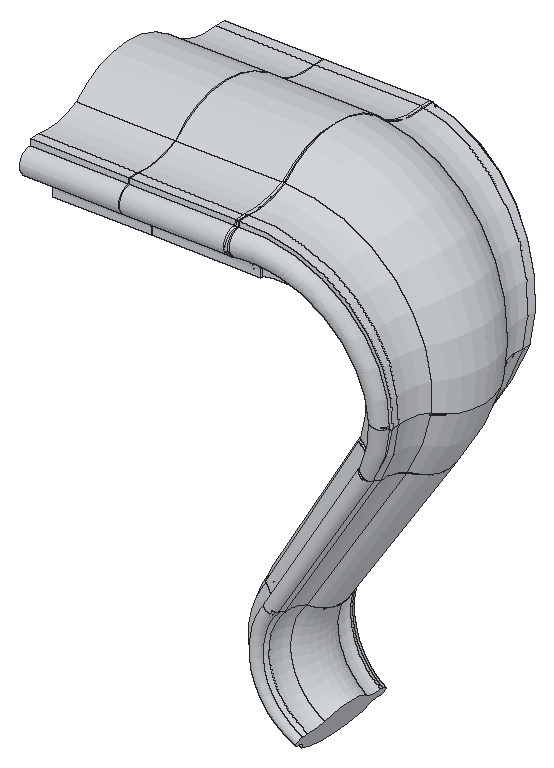
Revit family "4530s", category Terminations, Revit 2023
Family settings
  Work Plane-Based = No
  Always vertical = Yes
  Cut with Voids When Loaded = No
  Shared = No
Parameters
  Termination Material = none
  Extension Length = 0' - 3"
Reference planes (in)
  plane 1 "Center (Front/Back)": y = 0
  plane 2: z = 0
  plane 3 "Center (Left/Right)": x = 0
  plane 4: x = 3
Forms (in)
  Sweep 1, solid
    path origin (0, 0, 0.07031) x (1, 0, 0) y (0, 0, 1)
      loop
        line (0, 0.34097) -> (0.83569, 0.34097)
    profile origin (0.41784, 0, 0.41128) x (0, 0, 1) y (0, -1, 0)
      loop
        line (-0.45544, 0.65965) -> (-0.45544, -0.6605) -> (-0.65145, -0.6605) -> (-0.65145, -0.72898) -> (-0.83332, -0.72898) -> (-0.83332, -0.78648)
        arc (-0.83332, -0.78648) -> (-0.65519, -0.84234) -> (-0.55657, -1.00085) r 0.26841
        arc (-0.55657, -1.00085) -> (-0.46242, -1.13447) -> (-0.34097, -1.02507) r 0.10926
        line (-0.34097, -1.02507) -> (-0.29418, -1.02507) -> (-0.29418, -0.93361)
        arc (-0.29418, -0.93361) -> (-0.29109, -0.7306) -> (-0.22457, -0.53878) r 0.63994
        arc (-0.22457, -0.53878) -> (0, -0.00044) -> (-0.22418, 0.53806) r 0.7582
        arc (-0.22418, 0.53806) -> (-0.29102, 0.7302) -> (-0.29418, 0.93361) r 0.63994
        line (-0.29418, 0.93361) -> (-0.29418, 1.02507) -> (-0.34097, 1.02507)
        arc (-0.34097, 1.02507) -> (-0.46242, 1.13447) -> (-0.55657, 1.00085) r 0.10926
        arc (-0.55657, 1.00085) -> (-0.65519, 0.84234) -> (-0.83332, 0.78648) r 0.26841
        line (-0.83332, 0.78648) -> (-0.83332, 0.72605) -> (-0.64768, 0.72605) -> (-0.64768, 0.65965) -> (-0.45544, 0.65965)
  Sweep 2, solid
    path origin (0.83569, 0, 0.07031) x (1, 0, 0) y (0, 0, 1)
      loop
        line (0, 0.34097) -> (0.9226, 0.34097)
    profile origin (1.29699, 0, 0.41128) x (0, 0, 1) y (0, -1, 0)
      loop
        arc (-0.83332, 0.72605) -> (-1.01397, -0.00146) -> (-0.83332, -0.72898) r 1.55529
        line (-0.83332, -0.72898) -> (-0.83332, -0.78648)
        arc (-0.83332, -0.78648) -> (-0.65519, -0.84234) -> (-0.55657, -1.00085) r 0.26841
        arc (-0.55657, -1.00085) -> (-0.46242, -1.13447) -> (-0.34097, -1.02507) r 0.10926
        line (-0.34097, -1.02507) -> (-0.29418, -1.02507) -> (-0.29418, -0.93361)
        arc (-0.29418, -0.93361) -> (-0.29109, -0.7306) -> (-0.22457, -0.53878) r 0.63994
        arc (-0.22457, -0.53878) -> (0, -0.00044) -> (-0.22418, 0.53806) r 0.7582
        arc (-0.22418, 0.53806) -> (-0.29102, 0.7302) -> (-0.29418, 0.93361) r 0.63994
        line (-0.29418, 0.93361) -> (-0.29418, 1.02507) -> (-0.34097, 1.02507)
        arc (-0.34097, 1.02507) -> (-0.46242, 1.13447) -> (-0.55657, 1.00085) r 0.10926
        arc (-0.55657, 1.00085) -> (-0.65519, 0.84234) -> (-0.83332, 0.78648) r 0.26841
        line (-0.83332, 0.78648) -> (-0.83332, 0.72605)
  SweptBlend 3, solid
    path origin (0, 0, 0.07031) x (1, 0, 0) y (0, 0, 1)
      loop
        arc (1.75828, 0.34097) -> (2.77306, -0.2164) -> (3.02184, -1.34712) r 1.40094
    profile origin (1.75828, 0, 0.41128) x (0.076221, 0, 0.997091) y (0, -1, 0)
      loop
        spline (-0.22391, -0.53878) -> (-0.15804, -0.46409) -> (-0.1025, -0.38138) -> (-0.05827, -0.29207) -> (-0.02611, -0.19771) -> (-0.00657, -0.09994) -> (0, -0.00044) -> (-0.0065, 0.09906) -> (-0.02597, 0.19685) -> (-0.05806, 0.29123) -> (-0.10223, 0.38057) -> (-0.1577, 0.46333) -> (-0.22353, 0.53806)
        spline (-0.22353, 0.53806) -> (-0.23883, 0.56845) -> (-0.25251, 0.59961) -> (-0.26451, 0.63146) -> (-0.27481, 0.6639) -> (-0.28337, 0.69685) -> (-0.29018, 0.7302) -> (-0.2952, 0.76387) -> (-0.29843, 0.79776) -> (-0.29986, 0.83178) -> (-0.29949, 0.86582) -> (-0.29731, 0.8998) -> (-0.29333, 0.93361)
        line (-0.29333, 0.93361) -> (-0.29333, 1.02507) -> (-0.33997, 1.02507)
        spline (-0.33997, 1.02507) -> (-0.34404, 1.05547) -> (-0.35637, 1.08354) -> (-0.376, 1.10707) -> (-0.40138, 1.1242) -> (-0.4305, 1.13358) -> (-0.46107, 1.13447) -> (-0.49069, 1.1268) -> (-0.51701, 1.11117) -> (-0.53797, 1.08883) -> (-0.5519, 1.06152) -> (-0.55771, 1.0314) -> (-0.55495, 1.00085)
        spline (-0.55495, 1.00085) -> (-0.56311, 0.97016) -> (-0.57483, 0.94066) -> (-0.58993, 0.91274) -> (-0.60822, 0.88682) -> (-0.62944, 0.86324) -> (-0.65328, 0.84234) -> (-0.67942, 0.82441) -> (-0.70749, 0.8097) -> (-0.73709, 0.79842) -> (-0.76782, 0.79073) -> (-0.79923, 0.78673) -> (-0.8309, 0.78648)
        line (-0.8309, 0.78648) -> (-0.8309, 0.72605)
        spline (-0.8309, 0.72605) -> (-0.88517, 0.61226) -> (-0.93008, 0.49443) -> (-0.96531, 0.37334) -> (-0.99065, 0.24979) -> (-1.00592, 0.12458) -> (-1.01102, -0.00146) -> (-1.00592, -0.1275) -> (-0.99065, -0.25271) -> (-0.96531, -0.37626) -> (-0.93008, -0.49736) -> (-0.88517, -0.61518) -> (-0.8309, -0.72898)
        line (-0.8309, -0.72898) -> (-0.8309, -0.78648)
        spline (-0.8309, -0.78648) -> (-0.79923, -0.78673) -> (-0.76782, -0.79073) -> (-0.73709, -0.79842) -> (-0.70749, -0.8097) -> (-0.67942, -0.82441) -> (-0.65328, -0.84234) -> (-0.62944, -0.86324) -> (-0.60822, -0.88682) -> (-0.58993, -0.91274) -> (-0.57483, -0.94066) -> (-0.56311, -0.97016) -> (-0.55495, -1.00085)
        spline (-0.55495, -1.00085) -> (-0.55771, -1.0314) -> (-0.5519, -1.06152) -> (-0.53797, -1.08883) -> (-0.51701, -1.11117) -> (-0.49069, -1.1268) -> (-0.46107, -1.13447) -> (-0.4305, -1.13358) -> (-0.40138, -1.1242) -> (-0.376, -1.10707) -> (-0.35637, -1.08354) -> (-0.34404, -1.05547) -> (-0.33997, -1.02507)
        line (-0.33997, -1.02507) -> (-0.29333, -1.02507) -> (-0.29333, -0.93361)
        spline (-0.29333, -0.93361) -> (-0.2973, -0.89987) -> (-0.29948, -0.86596) -> (-0.29987, -0.83198) -> (-0.29845, -0.79803) -> (-0.29524, -0.76421) -> (-0.29025, -0.7306) -> (-0.28348, -0.69731) -> (-0.27496, -0.66442) -> (-0.26471, -0.63204) -> (-0.25277, -0.60024) -> (-0.23915, -0.56913) -> (-0.22391, -0.53878)
    end profile origin (3.02184, 0, -1.27681) x (0.978156, 0, -0.207874) y (0, -1, 0)
      loop
        spline (-0.15778, -0.37984) -> (-0.11134, -0.32718) -> (-0.07219, -0.26887) -> (-0.04101, -0.20591) -> (-0.01833, -0.13939) -> (-0.00456, -0.07046) -> (0.00007, -0.00031) -> (-0.00451, 0.06984) -> (-0.01823, 0.13878) -> (-0.04086, 0.20532) -> (-0.072, 0.2683) -> (-0.11111, 0.32664) -> (-0.15751, 0.37933)
        spline (-0.15751, 0.37933) -> (-0.1683, 0.40075) -> (-0.17794, 0.42272) -> (-0.18641, 0.44517) -> (-0.19367, 0.46805) -> (-0.1997, 0.49127) -> (-0.2045, 0.51479) -> (-0.20804, 0.53852) -> (-0.21032, 0.56242) -> (-0.21133, 0.5864) -> (-0.21106, 0.6104) -> (-0.20953, 0.63435) -> (-0.20672, 0.65819)
        line (-0.20672, 0.65819) -> (-0.20672, 0.72267) -> (-0.23961, 0.72267)
        spline (-0.23961, 0.72267) -> (-0.24247, 0.7441) -> (-0.25117, 0.76389) -> (-0.265, 0.78048) -> (-0.28289, 0.79255) -> (-0.30343, 0.79917) -> (-0.32498, 0.79979) -> (-0.34586, 0.79439) -> (-0.36442, 0.78337) -> (-0.37919, 0.76762) -> (-0.38901, 0.74836) -> (-0.39311, 0.72713) -> (-0.39116, 0.70559)
        spline (-0.39116, 0.70559) -> (-0.39692, 0.68396) -> (-0.40518, 0.66316) -> (-0.41583, 0.64348) -> (-0.42872, 0.6252) -> (-0.44368, 0.60858) -> (-0.46049, 0.59384) -> (-0.47891, 0.5812) -> (-0.4987, 0.57083) -> (-0.51957, 0.56288) -> (-0.54123, 0.55746) -> (-0.56338, 0.55464) -> (-0.5857, 0.55446)
        line (-0.5857, 0.55446) -> (-0.5857, 0.51186)
        spline (-0.5857, 0.51186) -> (-0.62397, 0.43164) -> (-0.65563, 0.34857) -> (-0.68047, 0.2632) -> (-0.69833, 0.1761) -> (-0.70909, 0.08783) -> (-0.71269, -0.00103) -> (-0.70909, -0.08989) -> (-0.69833, -0.17816) -> (-0.68047, -0.26526) -> (-0.65563, -0.35063) -> (-0.62397, -0.4337) -> (-0.5857, -0.51392)
        line (-0.5857, -0.51392) -> (-0.5857, -0.55446)
        spline (-0.5857, -0.55446) -> (-0.56338, -0.55464) -> (-0.54123, -0.55746) -> (-0.51957, -0.56288) -> (-0.4987, -0.57083) -> (-0.47891, -0.5812) -> (-0.46049, -0.59384) -> (-0.44368, -0.60858) -> (-0.42872, -0.6252) -> (-0.41583, -0.64348) -> (-0.40518, -0.66316) -> (-0.39692, -0.68396) -> (-0.39116, -0.70559)
        spline (-0.39116, -0.70559) -> (-0.39311, -0.72713) -> (-0.38901, -0.74836) -> (-0.37919, -0.76762) -> (-0.36442, -0.78337) -> (-0.34586, -0.79439) -> (-0.32498, -0.79979) -> (-0.30343, -0.79917) -> (-0.28289, -0.79255) -> (-0.265, -0.78048) -> (-0.25117, -0.76389) -> (-0.24247, -0.7441) -> (-0.23961, -0.72267)
        line (-0.23961, -0.72267) -> (-0.20672, -0.72267) -> (-0.20672, -0.65819)
        spline (-0.20672, -0.65819) -> (-0.20952, -0.6344) -> (-0.21106, -0.61049) -> (-0.21133, -0.58654) -> (-0.21033, -0.56261) -> (-0.20807, -0.53876) -> (-0.20455, -0.51507) -> (-0.19978, -0.4916) -> (-0.19377, -0.46841) -> (-0.18655, -0.44558) -> (-0.17812, -0.42317) -> (-0.16853, -0.40123) -> (-0.15778, -0.37984)
  SweptBlend 4, solid
    path origin (0, 0, 0.07031) x (1, 0, 0) y (0, 0, 1)
      loop
        arc (3.02184, -1.34712) -> (2.89681, -1.66056) -> (2.71598, -1.94547) r 1.81732
    profile origin (3.02184, 0, -1.27681) x (0.959213, 0, -0.282683) y (0, -1, 0)
      loop
        spline (-0.15705, 0.37934) -> (-0.16776, 0.40079) -> (-0.17733, 0.42278) -> (-0.18574, 0.44524) -> (-0.19295, 0.46811) -> (-0.19895, 0.49134) -> (-0.20373, 0.51484) -> (-0.20726, 0.53857) -> (-0.20955, 0.56245) -> (-0.21057, 0.58642) -> (-0.21034, 0.61041) -> (-0.20885, 0.63435) -> (-0.20611, 0.65818)
        line (-0.20611, 0.65818) -> (-0.20611, 0.72267) -> (-0.23894, 0.72267)
        spline (-0.23894, 0.72267) -> (-0.24176, 0.74404) -> (-0.25038, 0.76378) -> (-0.26414, 0.78034) -> (-0.28195, 0.79241) -> (-0.3024, 0.79904) -> (-0.32388, 0.7997) -> (-0.3447, 0.79435) -> (-0.36321, 0.7834) -> (-0.37796, 0.76772) -> (-0.38778, 0.74854) -> (-0.39189, 0.72738) -> (-0.38998, 0.70591)
        spline (-0.38998, 0.70591) -> (-0.39567, 0.68428) -> (-0.40387, 0.66348) -> (-0.41446, 0.64379) -> (-0.42729, 0.62549) -> (-0.44219, 0.60885) -> (-0.45895, 0.59409) -> (-0.47733, 0.58142) -> (-0.49708, 0.57101) -> (-0.51791, 0.56302) -> (-0.53954, 0.55755) -> (-0.56166, 0.55469) -> (-0.58396, 0.55447)
        line (-0.58396, 0.55447) -> (-0.58396, 0.51182)
        spline (-0.58396, 0.51182) -> (-0.62208, 0.43157) -> (-0.65362, 0.34849) -> (-0.67836, 0.26313) -> (-0.69615, 0.17604) -> (-0.70687, 0.08779) -> (-0.71046, -0.00103) -> (-0.70687, -0.08985) -> (-0.69615, -0.1781) -> (-0.67836, -0.26519) -> (-0.65362, -0.35055) -> (-0.62208, -0.43363) -> (-0.58396, -0.51388)
        line (-0.58396, -0.51388) -> (-0.58396, -0.55447)
        spline (-0.58396, -0.55447) -> (-0.56166, -0.55469) -> (-0.53954, -0.55755) -> (-0.51791, -0.56302) -> (-0.49708, -0.57101) -> (-0.47733, -0.58142) -> (-0.45895, -0.59409) -> (-0.44219, -0.60885) -> (-0.42729, -0.62549) -> (-0.41446, -0.64379) -> (-0.40387, -0.66348) -> (-0.39567, -0.68428) -> (-0.38998, -0.70591)
        spline (-0.38998, -0.70591) -> (-0.39189, -0.72738) -> (-0.38778, -0.74854) -> (-0.37796, -0.76772) -> (-0.36321, -0.7834) -> (-0.3447, -0.79435) -> (-0.32388, -0.7997) -> (-0.3024, -0.79904) -> (-0.28195, -0.79241) -> (-0.26414, -0.78034) -> (-0.25038, -0.76378) -> (-0.24176, -0.74404) -> (-0.23894, -0.72267)
        line (-0.23894, -0.72267) -> (-0.20611, -0.72267) -> (-0.20611, -0.65818)
        spline (-0.20611, -0.65818) -> (-0.20885, -0.6344) -> (-0.21034, -0.6105) -> (-0.21058, -0.58656) -> (-0.20956, -0.56264) -> (-0.20729, -0.53881) -> (-0.20378, -0.51513) -> (-0.19903, -0.49166) -> (-0.19306, -0.46848) -> (-0.18588, -0.44565) -> (-0.17751, -0.42322) -> (-0.16799, -0.40127) -> (-0.15732, -0.37985)
        spline (-0.15732, -0.37985) -> (-0.11101, -0.32713) -> (-0.07197, -0.26879) -> (-0.04088, -0.20582) -> (-0.01828, -0.13932) -> (-0.00455, -0.07042) -> (0.00007, -0.00031) -> (-0.0045, 0.0698) -> (-0.01818, 0.13871) -> (-0.04074, 0.20523) -> (-0.07178, 0.26822) -> (-0.11077, 0.32659) -> (-0.15705, 0.37934)
    end profile origin (2.71598, 0, -1.87516) x (0.79091, 0, -0.611933) y (0, -1, 0)
      loop
        spline (-0.12815, 0.31179) -> (-0.13695, 0.32942) -> (-0.14482, 0.34749) -> (-0.15172, 0.36594) -> (-0.15765, 0.38474) -> (-0.16258, 0.40382) -> (-0.1665, 0.42313) -> (-0.16941, 0.44263) -> (-0.17129, 0.46225) -> (-0.17213, 0.48194) -> (-0.17194, 0.50166) -> (-0.17071, 0.52133) -> (-0.16846, 0.54091)
        line (-0.16846, 0.54091) -> (-0.19544, 0.5939)
        spline (-0.19544, 0.5939) -> (-0.19775, 0.61146) -> (-0.20484, 0.62768) -> (-0.21614, 0.64129) -> (-0.23078, 0.6512) -> (-0.24758, 0.65665) -> (-0.26523, 0.65719) -> (-0.28234, 0.65279) -> (-0.29755, 0.6438) -> (-0.30967, 0.63091) -> (-0.31773, 0.61516) -> (-0.32112, 0.59777) -> (-0.31954, 0.58013)
        spline (-0.31954, 0.58013) -> (-0.32422, 0.56236) -> (-0.33095, 0.54526) -> (-0.33966, 0.52908) -> (-0.3502, 0.51405) -> (-0.36245, 0.50038) -> (-0.37622, 0.48825) -> (-0.39132, 0.47783) -> (-0.40754, 0.46928) -> (-0.42466, 0.46272) -> (-0.44243, 0.45823) -> (-0.46061, 0.45587) -> (-0.47893, 0.45569)
        line (-0.47893, 0.45569) -> (-0.47893, 0.42065)
        spline (-0.47893, 0.42065) -> (-0.51026, 0.35471) -> (-0.53617, 0.28644) -> (-0.5565, 0.2163) -> (-0.57112, 0.14474) -> (-0.57993, 0.07224) -> (-0.58287, -0.00075) -> (-0.57993, -0.07373) -> (-0.57112, -0.14624) -> (-0.5565, -0.2178) -> (-0.53617, -0.28794) -> (-0.51026, -0.35621) -> (-0.47893, -0.42215)
        line (-0.47893, -0.42215) -> (-0.47893, -0.4555)
        spline (-0.47893, -0.4555) -> (-0.46061, -0.45568) -> (-0.44243, -0.45803) -> (-0.42466, -0.46252) -> (-0.40754, -0.46909) -> (-0.39132, -0.47764) -> (-0.37622, -0.48805) -> (-0.36245, -0.50018) -> (-0.3502, -0.51386) -> (-0.33966, -0.52889) -> (-0.33095, -0.54507) -> (-0.32422, -0.56216) -> (-0.31954, -0.57994)
        spline (-0.31954, -0.57994) -> (-0.32112, -0.59758) -> (-0.31773, -0.61496) -> (-0.30967, -0.63072) -> (-0.29755, -0.6436) -> (-0.28234, -0.6526) -> (-0.26523, -0.657) -> (-0.24758, -0.65645) -> (-0.23078, -0.65101) -> (-0.21614, -0.64109) -> (-0.20484, -0.62748) -> (-0.19775, -0.61126) -> (-0.19544, -0.5937)
        line (-0.19544, -0.5937) -> (-0.16846, -0.54072)
        spline (-0.16846, -0.54072) -> (-0.17071, -0.52118) -> (-0.17194, -0.50154) -> (-0.17213, -0.48187) -> (-0.1713, -0.46221) -> (-0.16943, -0.44263) -> (-0.16655, -0.42317) -> (-0.16264, -0.40389) -> (-0.15774, -0.38484) -> (-0.15184, -0.36608) -> (-0.14497, -0.34766) -> (-0.13714, -0.32962) -> (-0.12837, -0.31202)
        spline (-0.12837, -0.31202) -> (-0.09032, -0.2687) -> (-0.05824, -0.22076) -> (-0.0327, -0.16902) -> (-0.01413, -0.11438) -> (-0.00285, -0.05777) -> (0.00095, -0.00016) -> (-0.00281, 0.05745) -> (-0.01405, 0.11407) -> (-0.03258, 0.16873) -> (-0.05809, 0.22049) -> (-0.09013, 0.26845) -> (-0.12815, 0.31179)
  SweptBlend 5, solid
    path origin (0, 0, 0.07031) x (1, 0, 0) y (0, 0, 1)
      loop
        line (2.71598, -1.94547) -> (1.8101, -3.28257)
    profile origin (2.71598, 0, -1.87516) x (0.827888, 0, -0.560894) y (0, -1, 0)
      loop
        spline (-0.31889, 0.5804) -> (-0.32352, 0.56263) -> (-0.33021, 0.54553) -> (-0.33887, 0.52934) -> (-0.34938, 0.5143) -> (-0.36159, 0.5006) -> (-0.37533, 0.48845) -> (-0.39041, 0.47801) -> (-0.40662, 0.46943) -> (-0.42372, 0.46283) -> (-0.44148, 0.45831) -> (-0.45965, 0.45591) -> (-0.47798, 0.45569)
        line (-0.47798, 0.45569) -> (-0.47798, 0.42062)
        spline (-0.47798, 0.42062) -> (-0.50922, 0.35465) -> (-0.53506, 0.28638) -> (-0.55533, 0.21624) -> (-0.56991, 0.1447) -> (-0.57869, 0.07221) -> (-0.58163, -0.00075) -> (-0.57869, -0.07371) -> (-0.56991, -0.14619) -> (-0.55533, -0.21774) -> (-0.53506, -0.28787) -> (-0.50922, -0.35615) -> (-0.47798, -0.42212)
        line (-0.47798, -0.42212) -> (-0.47798, -0.4555)
        spline (-0.47798, -0.4555) -> (-0.45965, -0.45572) -> (-0.44148, -0.45811) -> (-0.42372, -0.46264) -> (-0.40662, -0.46924) -> (-0.39041, -0.47782) -> (-0.37533, -0.48826) -> (-0.36159, -0.50041) -> (-0.34938, -0.5141) -> (-0.33887, -0.52915) -> (-0.33021, -0.54534) -> (-0.32352, -0.56243) -> (-0.31889, -0.5802)
        spline (-0.31889, -0.5802) -> (-0.32044, -0.59778) -> (-0.31705, -0.6151) -> (-0.30898, -0.63079) -> (-0.29688, -0.64361) -> (-0.2817, -0.65255) -> (-0.26464, -0.65692) -> (-0.24703, -0.65636) -> (-0.23028, -0.65091) -> (-0.2157, -0.64102) -> (-0.20444, -0.62745) -> (-0.19738, -0.61128) -> (-0.1951, -0.59378)
        line (-0.1951, -0.59378) -> (-0.16812, -0.54072)
        spline (-0.16812, -0.54072) -> (-0.17033, -0.52118) -> (-0.17152, -0.50155) -> (-0.17169, -0.48189) -> (-0.17084, -0.46224) -> (-0.16897, -0.44267) -> (-0.16609, -0.42322) -> (-0.1622, -0.40395) -> (-0.15731, -0.3849) -> (-0.15145, -0.36614) -> (-0.14461, -0.3477) -> (-0.13683, -0.32965) -> (-0.12813, -0.31203)
        spline (-0.12813, -0.31203) -> (-0.09014, -0.26866) -> (-0.05812, -0.2207) -> (-0.03263, -0.16896) -> (-0.0141, -0.11432) -> (-0.00285, -0.05773) -> (0.00094, -0.00016) -> (-0.0028, 0.05742) -> (-0.01402, 0.11402) -> (-0.03251, 0.16867) -> (-0.05797, 0.22042) -> (-0.08995, 0.26841) -> (-0.1279, 0.31181)
        spline (-0.1279, 0.31181) -> (-0.13665, 0.32945) -> (-0.14446, 0.34753) -> (-0.15133, 0.366) -> (-0.15722, 0.38479) -> (-0.16213, 0.40387) -> (-0.16604, 0.42318) -> (-0.16894, 0.44267) -> (-0.17083, 0.46228) -> (-0.17169, 0.48196) -> (-0.17152, 0.50167) -> (-0.17033, 0.52133) -> (-0.16812, 0.54091)
        line (-0.16812, 0.54091) -> (-0.1951, 0.59398)
        spline (-0.1951, 0.59398) -> (-0.19738, 0.61147) -> (-0.20444, 0.62764) -> (-0.2157, 0.64121) -> (-0.23028, 0.65111) -> (-0.24703, 0.65655) -> (-0.26464, 0.65711) -> (-0.2817, 0.65275) -> (-0.29688, 0.6438) -> (-0.30898, 0.63098) -> (-0.31705, 0.61529) -> (-0.32044, 0.59798) -> (-0.31889, 0.5804)
    end profile origin (1.8101, 0, -3.21226) x (0.827888, 0, -0.560894) y (0, -1, 0)
      loop
        spline (-0.39409, 0.39201) -> (-0.42587, 0.33145) -> (-0.45222, 0.26834) -> (-0.47294, 0.20315) -> (-0.48788, 0.13639) -> (-0.49693, 0.06858) -> (-0.5, 0.00024) -> (-0.49708, -0.06812) -> (-0.48819, -0.13595) -> (-0.4734, -0.20274) -> (-0.45282, -0.26797) -> (-0.42661, -0.33115) -> (-0.39498, -0.39178)
        spline (-0.39498, -0.39178) -> (-0.38066, -0.3936) -> (-0.36663, -0.39698) -> (-0.35304, -0.40185) -> (-0.34007, -0.40817) -> (-0.32785, -0.41587) -> (-0.31653, -0.42484) -> (-0.30625, -0.43499) -> (-0.29713, -0.44619) -> (-0.28928, -0.45832) -> (-0.28278, -0.47123) -> (-0.27771, -0.48477) -> (-0.27414, -0.49878)
        spline (-0.27414, -0.49878) -> (-0.27547, -0.51389) -> (-0.27255, -0.52877) -> (-0.26562, -0.54226) -> (-0.25522, -0.55328) -> (-0.24217, -0.56097) -> (-0.2275, -0.56473) -> (-0.21236, -0.56424) -> (-0.19796, -0.55956) -> (-0.18543, -0.55106) -> (-0.17575, -0.53939) -> (-0.16968, -0.52549) -> (-0.16772, -0.51045)
        line (-0.16772, -0.51045) -> (-0.14453, -0.46483)
        spline (-0.14453, -0.46483) -> (-0.14643, -0.44804) -> (-0.14745, -0.43116) -> (-0.1476, -0.41426) -> (-0.14686, -0.39737) -> (-0.14526, -0.38054) -> (-0.14278, -0.36382) -> (-0.13943, -0.34725) -> (-0.13523, -0.33088) -> (-0.13019, -0.31475) -> (-0.12432, -0.29891) -> (-0.11763, -0.28339) -> (-0.11014, -0.26824)
        spline (-0.11014, -0.26824) -> (-0.07749, -0.23096) -> (-0.04997, -0.18972) -> (-0.02805, -0.14524) -> (-0.01212, -0.09828) -> (-0.00245, -0.04963) -> (0.00081, -0.00014) -> (-0.00241, 0.04936) -> (-0.01205, 0.09802) -> (-0.02795, 0.14499) -> (-0.04983, 0.18949) -> (-0.07732, 0.23074) -> (-0.10995, 0.26805)
        spline (-0.10995, 0.26805) -> (-0.11747, 0.28322) -> (-0.12419, 0.29876) -> (-0.13009, 0.31463) -> (-0.13516, 0.33079) -> (-0.13938, 0.34719) -> (-0.14274, 0.36379) -> (-0.14523, 0.38054) -> (-0.14685, 0.3974) -> (-0.14759, 0.41432) -> (-0.14745, 0.43126) -> (-0.14643, 0.44817) -> (-0.14453, 0.465)
        line (-0.14453, 0.465) -> (-0.16772, 0.51062)
        spline (-0.16772, 0.51062) -> (-0.16968, 0.52566) -> (-0.17575, 0.53956) -> (-0.18543, 0.55122) -> (-0.19796, 0.55973) -> (-0.21236, 0.56441) -> (-0.2275, 0.56489) -> (-0.24217, 0.56114) -> (-0.25522, 0.55345) -> (-0.26562, 0.54243) -> (-0.27255, 0.52894) -> (-0.27547, 0.51405) -> (-0.27414, 0.49894)
        spline (-0.27414, 0.49894) -> (-0.27769, 0.485) -> (-0.28272, 0.47153) -> (-0.28917, 0.45868) -> (-0.29696, 0.4466) -> (-0.30601, 0.43543) -> (-0.3162, 0.4253) -> (-0.32743, 0.41633) -> (-0.33955, 0.40863) -> (-0.35243, 0.40228) -> (-0.36592, 0.39736) -> (-0.37986, 0.39392) -> (-0.39409, 0.39201)
  SweptBlend 6, solid
    path origin (0, 0, 0.07031) x (1, 0, 0) y (0, 0, 1)
      loop
        arc (1.8101, -3.28257) -> (1.67845, -3.65786) -> (1.89534, -3.99123) r 0.45058
    profile origin (1.8101, 0, -3.21226) x (0.700664, 0, -0.713491) y (0, -1, 0)
      loop
        spline (-0.10797, -0.26824) -> (-0.07596, -0.23096) -> (-0.04898, -0.18972) -> (-0.0275, -0.14524) -> (-0.01188, -0.09828) -> (-0.0024, -0.04963) -> (0.00079, -0.00014) -> (-0.00236, 0.04936) -> (-0.01181, 0.09802) -> (-0.0274, 0.14499) -> (-0.04885, 0.18949) -> (-0.0758, 0.23074) -> (-0.10778, 0.26805)
        spline (-0.10778, 0.26805) -> (-0.11515, 0.28322) -> (-0.12174, 0.29876) -> (-0.12752, 0.31463) -> (-0.13249, 0.33079) -> (-0.13663, 0.34719) -> (-0.13992, 0.36379) -> (-0.14237, 0.38054) -> (-0.14395, 0.3974) -> (-0.14468, 0.41432) -> (-0.14454, 0.43126) -> (-0.14354, 0.44817) -> (-0.14168, 0.465)
        line (-0.14168, 0.465) -> (-0.16441, 0.51062)
        spline (-0.16441, 0.51062) -> (-0.16633, 0.52566) -> (-0.17228, 0.53956) -> (-0.18177, 0.55122) -> (-0.19405, 0.55973) -> (-0.20817, 0.56441) -> (-0.22301, 0.56489) -> (-0.23739, 0.56114) -> (-0.25018, 0.55345) -> (-0.26038, 0.54243) -> (-0.26717, 0.52894) -> (-0.27003, 0.51405) -> (-0.26873, 0.49894)
        spline (-0.26873, 0.49894) -> (-0.27221, 0.485) -> (-0.27714, 0.47153) -> (-0.28346, 0.45868) -> (-0.2911, 0.4466) -> (-0.29997, 0.43543) -> (-0.30996, 0.4253) -> (-0.32096, 0.41633) -> (-0.33285, 0.40863) -> (-0.34548, 0.40228) -> (-0.3587, 0.39736) -> (-0.37237, 0.39392) -> (-0.38632, 0.39201)
        spline (-0.38632, 0.39201) -> (-0.41746, 0.33145) -> (-0.44329, 0.26834) -> (-0.46361, 0.20315) -> (-0.47825, 0.13639) -> (-0.48712, 0.06858) -> (-0.49013, 0.00024) -> (-0.48727, -0.06812) -> (-0.47856, -0.13595) -> (-0.46406, -0.20274) -> (-0.44388, -0.26797) -> (-0.41819, -0.33115) -> (-0.38718, -0.39178)
        spline (-0.38718, -0.39178) -> (-0.37315, -0.3936) -> (-0.35939, -0.39698) -> (-0.34608, -0.40185) -> (-0.33336, -0.40817) -> (-0.32138, -0.41587) -> (-0.31029, -0.42484) -> (-0.30021, -0.43499) -> (-0.29127, -0.44619) -> (-0.28357, -0.45832) -> (-0.2772, -0.47123) -> (-0.27223, -0.48477) -> (-0.26873, -0.49878)
        spline (-0.26873, -0.49878) -> (-0.27003, -0.51389) -> (-0.26717, -0.52877) -> (-0.26038, -0.54226) -> (-0.25018, -0.55328) -> (-0.23739, -0.56097) -> (-0.22301, -0.56473) -> (-0.20817, -0.56424) -> (-0.19405, -0.55956) -> (-0.18177, -0.55106) -> (-0.17228, -0.53939) -> (-0.16633, -0.52549) -> (-0.16441, -0.51045)
        line (-0.16441, -0.51045) -> (-0.14168, -0.46483)
        spline (-0.14168, -0.46483) -> (-0.14354, -0.44804) -> (-0.14454, -0.43116) -> (-0.14468, -0.41426) -> (-0.14397, -0.39737) -> (-0.14239, -0.38054) -> (-0.13996, -0.36382) -> (-0.13668, -0.34725) -> (-0.13257, -0.33088) -> (-0.12762, -0.31475) -> (-0.12186, -0.29891) -> (-0.11531, -0.28339) -> (-0.10797, -0.26824)
    end profile origin (1.89534, 0, -3.92092) x (0.511485, 0, 0.859292) y (0, -1, 0)
      loop
        spline (-0.09007, -0.22214) -> (-0.06356, -0.19127) -> (-0.04122, -0.15712) -> (-0.02343, -0.12028) -> (-0.0105, -0.08139) -> (-0.00264, -0.0411) -> (0, -0.00011) -> (-0.00261, 0.04088) -> (-0.01044, 0.08117) -> (-0.02335, 0.12008) -> (-0.04111, 0.15693) -> (-0.06343, 0.19109) -> (-0.08992, 0.22198)
        spline (-0.08992, 0.22198) -> (-0.09602, 0.23455) -> (-0.10148, 0.24742) -> (-0.10627, 0.26056) -> (-0.11038, 0.27394) -> (-0.11381, 0.28753) -> (-0.11653, 0.30127) -> (-0.11856, 0.31515) -> (-0.11987, 0.32911) -> (-0.12047, 0.34312) -> (-0.12036, 0.35715) -> (-0.11953, 0.37115) -> (-0.11799, 0.38509)
        line (-0.11799, 0.38509) -> (-0.13681, 0.42287)
        spline (-0.13681, 0.42287) -> (-0.13841, 0.43532) -> (-0.14333, 0.44684) -> (-0.15119, 0.45649) -> (-0.16136, 0.46354) -> (-0.17306, 0.46741) -> (-0.18534, 0.46781) -> (-0.19725, 0.46471) -> (-0.20784, 0.45834) -> (-0.21629, 0.44921) -> (-0.22191, 0.43804) -> (-0.22428, 0.42571) -> (-0.22321, 0.4132)
        spline (-0.22321, 0.4132) -> (-0.22609, 0.40166) -> (-0.23017, 0.3905) -> (-0.2354, 0.37985) -> (-0.24173, 0.36985) -> (-0.24907, 0.3606) -> (-0.25735, 0.35221) -> (-0.26646, 0.34478) -> (-0.27631, 0.3384) -> (-0.28676, 0.33315) -> (-0.29772, 0.32907) -> (-0.30903, 0.32622) -> (-0.32058, 0.32464)
        spline (-0.32058, 0.32464) -> (-0.34638, 0.27449) -> (-0.36777, 0.22222) -> (-0.38459, 0.16824) -> (-0.39672, 0.11295) -> (-0.40406, 0.0568) -> (-0.40656, 0.0002) -> (-0.40419, -0.05641) -> (-0.39697, -0.11259) -> (-0.38497, -0.1679) -> (-0.36826, -0.22192) -> (-0.34698, -0.27424) -> (-0.3213, -0.32445)
        spline (-0.3213, -0.32445) -> (-0.30968, -0.32596) -> (-0.29829, -0.32876) -> (-0.28726, -0.33279) -> (-0.27672, -0.33803) -> (-0.26681, -0.3444) -> (-0.25762, -0.35183) -> (-0.24928, -0.36023) -> (-0.24187, -0.36951) -> (-0.23549, -0.37956) -> (-0.23022, -0.39025) -> (-0.22611, -0.40146) -> (-0.22321, -0.41306)
        spline (-0.22321, -0.41306) -> (-0.22428, -0.42558) -> (-0.22191, -0.4379) -> (-0.21629, -0.44907) -> (-0.20784, -0.4582) -> (-0.19725, -0.46457) -> (-0.18534, -0.46768) -> (-0.17306, -0.46728) -> (-0.16136, -0.4634) -> (-0.15119, -0.45636) -> (-0.14333, -0.4467) -> (-0.13841, -0.43519) -> (-0.13681, -0.42273)
        line (-0.13681, -0.42273) -> (-0.11799, -0.38495)
        spline (-0.11799, -0.38495) -> (-0.11953, -0.37104) -> (-0.12036, -0.35707) -> (-0.12048, -0.34307) -> (-0.11988, -0.32908) -> (-0.11858, -0.31515) -> (-0.11656, -0.3013) -> (-0.11385, -0.28758) -> (-0.11044, -0.27402) -> (-0.10635, -0.26066) -> (-0.10158, -0.24754) -> (-0.09615, -0.23469) -> (-0.09007, -0.22214)
Dimensions and locks (in)
  "Extension Length": plane 3 "Center (Left/Right)" to plane 4
  aligned and locked: plane 2 to level
Automatic sketch dimensions
  Sweep 1 sketch curve to plane 3 "Center (Left/Right)" = 0' - 0"
  level to Sweep 1 sketch curve = 0' - 0.41128"
  plane 3 "Center (Left/Right)" to Sweep 1 sketch curve = 0' - 0.83569"
  profile plane to Sweep 1 sketch curve = 0' - 0.83332"  (x2)
  Sweep 1 sketch curve to Sweep 1 sketch curve = 0' - 0.01376"  (x2)
  Sweep 1 sketch curve to plane 1 "Center (Front/Back)" = 0' - 0.00017"
  Sweep 1 sketch curve to Sweep 1 sketch curve = 0' - 0.07512"
  Sweep 1 sketch curve to Sweep 1 sketch curve = 0' - 0.18187"
  Sweep 1 sketch curve to Sweep 1 sketch curve = 0' - 0.18564"
  Sweep 1 sketch curve to Sweep 1 sketch curve = 0' - 0.19224"
  Sweep 1 sketch curve to Sweep 1 sketch curve = 0' - 0.19746"
  Sweep 1 sketch curve to Sweep 1 sketch curve = 0' - 0.20123"
  Sweep 1 sketch curve to Sweep 1 sketch curve = 0' - 0.10926"  (x2)
  Sweep 1 sketch curve to Sweep 1 sketch curve = 0' - 0.04678"  (x2)
  Sweep 1 sketch curve to profile plane = 0' - 0.33913"  (x2)
  Sweep 1 sketch curve to plane 1 "Center (Front/Back)" = 0' - 0.6605"
  Sweep 1 sketch curve to Sweep 1 sketch curve = 0' - 0.06847"
  Sweep 1 sketch curve to Sweep 1 sketch curve = 0' - 0.0575"
  Sweep 1 sketch curve to Sweep 1 sketch curve = 0' - 0.18122"
  Sweep 1 sketch curve to Sweep 1 sketch curve = 0' - 0.27311"
  Sweep 1 sketch curve to Sweep 1 sketch curve = 0' - 0.09146"  (x2)
  Sweep 1 sketch curve to Sweep 1 sketch curve = 0' - 0.00083"  (x2)
  Sweep 1 sketch curve to Sweep 1 sketch curve = 0' - 0.26806"  (x2)
  plane 1 "Center (Front/Back)" to Sweep 1 sketch curve = 0' - 0.65965"
  Sweep 1 sketch curve to Sweep 1 sketch curve = 0' - 0 17/256"
  Sweep 1 sketch curve to Sweep 1 sketch curve = 0' - 0.06042"
  Sweep 1 sketch curve to Sweep 1 sketch curve = 0' - 0.18207"
  Sweep 1 sketch curve to Sweep 1 sketch curve = 0' - 0.27396"
  profile plane to Sweep 1 sketch curve = 0' - 0.22457"
  level to Sweep 2 sketch curve = 0' - 0.41128"
  plane 3 "Center (Left/Right)" to Sweep 2 sketch curve = 0' - 0.83569"
  Sweep 2 sketch curve to Sweep 2 sketch curve = 0' - 0.9226"
  profile plane to Sweep 2 sketch curve = 0' - 0.83332"  (x2)
  Sweep 2 sketch curve to Sweep 2 sketch curve = 0' - 0.01376"  (x2)
  Sweep 2 sketch curve to plane 1 "Center (Front/Back)" = 0' - 0.00017"
  Sweep 2 sketch curve to Sweep 2 sketch curve = 0' - 0.07512"
  Sweep 2 sketch curve to Sweep 2 sketch curve = 0' - 0.36934"  (x2)
  Sweep 2 sketch curve to Sweep 2 sketch curve = 0' - 0.10926"  (x2)
  Sweep 2 sketch curve to Sweep 2 sketch curve = 0' - 0.04678"  (x2)
  Sweep 2 sketch curve to profile plane = 0' - 0.33913"  (x2)
  Sweep 2 sketch curve to plane 1 "Center (Front/Back)" = 0' - 0.00146"
  Sweep 2 sketch curve to profile plane = 0' - 0.54133"
  Sweep 2 sketch curve to plane 1 "Center (Front/Back)" = 0' - 0.72898"
  Sweep 2 sketch curve to Sweep 2 sketch curve = 0' - 0.0575"
  Sweep 2 sketch curve to plane 1 "Center (Front/Back)" = 0' - 0.84173"
  Sweep 2 sketch curve to Sweep 2 sketch curve = 0' - 0.14713"  (x2)
  Sweep 2 sketch curve to Sweep 2 sketch curve = 0' - 0.09146"  (x2)
  Sweep 2 sketch curve to Sweep 2 sketch curve = 0' - 0.00083"  (x2)
  Sweep 2 sketch curve to Sweep 2 sketch curve = 0' - 0.26806"  (x2)
  Sweep 2 sketch curve to Sweep 2 sketch curve = 0' - 0.06042"
  plane 1 "Center (Front/Back)" to Sweep 2 sketch curve = 0' - 0.84173"
  profile plane to Sweep 2 sketch curve = 0' - 0.22457"
  profile plane to SweptBlend 3 sketch curve = 0' - 0.756"
  SweptBlend 3 sketch curve to plane 1 "Center (Front/Back)" = 0' - 0.53878"
  profile plane to SweptBlend 3 sketch curve = 0' - 0.29333"
  profile plane to SweptBlend 3 sketch curve = 0' - 0.22391"
  profile plane to SweptBlend 3 sketch curve = 0' - 0.22353"
  plane 1 "Center (Front/Back)" to SweptBlend 3 sketch curve = 0' - 0.20178"
  SweptBlend 3 sketch curve to profile plane = 0' - 0.33814"  (x2)
  SweptBlend 3 sketch curve to plane 1 "Center (Front/Back)" = 0' - 0.00017"
  plane 1 "Center (Front/Back)" to SweptBlend 3 sketch curve = 0' - 0.53806"
  SweptBlend 3 sketch curve to SweptBlend 3 sketch curve = 0' - 0.30366"
  SweptBlend 3 sketch curve to SweptBlend 3 sketch curve = 0' - 0.09146"  (x2)
  SweptBlend 3 sketch curve to SweptBlend 3 sketch curve = 0' - 0.04665"  (x2)
  SweptBlend 3 sketch curve to SweptBlend 3 sketch curve = 0' - 0.21498"
  SweptBlend 3 sketch curve to SweptBlend 3 sketch curve = 0' - 0.10894"  (x2)
  SweptBlend 3 sketch curve to SweptBlend 3 sketch curve = 0' - 0.02422"
  SweptBlend 3 sketch curve to SweptBlend 3 sketch curve = 0' - 0.00083"  (x2)
  SweptBlend 3 sketch curve to SweptBlend 3 sketch curve = 0' - 0.26222"  (x2)
  SweptBlend 3 sketch curve to SweptBlend 3 sketch curve = 0' - 0.01372"  (x2)
  SweptBlend 3 sketch curve to SweptBlend 3 sketch curve = 0' - 0.02809"
  SweptBlend 3 sketch curve to SweptBlend 3 sketch curve = 0' - 0.00035"
  SweptBlend 3 sketch curve to SweptBlend 3 sketch curve = 0' - 0.06042"
  SweptBlend 3 sketch curve to SweptBlend 3 sketch curve = 0' - 0.60698"
  SweptBlend 3 sketch curve to profile plane = 0' - 0.53975"
  SweptBlend 3 sketch curve to SweptBlend 3 sketch curve = 0' - 0.1902"
  SweptBlend 3 sketch curve to SweptBlend 3 sketch curve = 0' - 0.71211"
  SweptBlend 3 sketch curve to SweptBlend 3 sketch curve = 0' - 0.0575"
  SweptBlend 3 sketch curve to SweptBlend 3 sketch curve = 0' - 0.21437"
  SweptBlend 3 sketch curve to SweptBlend 3 sketch curve = 0' - 0.05368"
  SweptBlend 3 sketch curve to SweptBlend 3 sketch curve = 0' - 0.10604"
  SweptBlend 3 sketch curve to SweptBlend 3 sketch curve = 0' - 0.02504"
  SweptBlend 3 sketch curve to SweptBlend 3 sketch curve = 0' - 0.4566"
  profile plane to SweptBlend 3 sketch curve = 0' - 0.5857"  (x2)
  profile plane to SweptBlend 3 sketch curve = 0' - 0.23961"  (x2)
  SweptBlend 3 sketch curve to SweptBlend 3 sketch curve = 0' - 0.03289"  (x2)
  SweptBlend 3 sketch curve to plane 1 "Center (Front/Back)" = 0' - 0 185/256"
  SweptBlend 3 sketch curve to SweptBlend 3 sketch curve = 0' - 0.06448"  (x2)
  SweptBlend 3 sketch curve to SweptBlend 3 sketch curve = 0' - 0.1682"
  SweptBlend 3 sketch curve to SweptBlend 3 sketch curve = 0' - 0.04054"
  plane 1 "Center (Front/Back)" to SweptBlend 3 sketch curve = 0' - 0.51186"
  SweptBlend 3 sketch curve to SweptBlend 3 sketch curve = 0' - 0.0426"
  SweptBlend 3 sketch curve to SweptBlend 3 sketch curve = 0' - 0.10373"
  SweptBlend 3 sketch curve to SweptBlend 3 sketch curve = 0' - 0.00967"  (x2)
  SweptBlend 3 sketch curve to SweptBlend 3 sketch curve = 0' - 0.04313"
  SweptBlend 3 sketch curve to SweptBlend 3 sketch curve = 0' - 0.15156"  (x2)
  SweptBlend 3 sketch curve to SweptBlend 3 sketch curve = 0' - 0.0768"
  SweptBlend 3 sketch curve to SweptBlend 3 sketch curve = 0' - 0.07476"
  profile plane to SweptBlend 3 sketch curve = 0' - 0.15778"
  profile plane to SweptBlend 3 sketch curve = 0' - 0.15751"
  SweptBlend 3 sketch curve to profile plane = 0' - 0.23846"  (x2)
  SweptBlend 3 sketch curve to SweptBlend 3 sketch curve = 0' - 0.14214"
  SweptBlend 3 sketch curve to SweptBlend 3 sketch curve = 0' - 0.00058"  (x2)
  SweptBlend 3 sketch curve to SweptBlend 3 sketch curve = 0' - 0.18898"
  SweptBlend 3 sketch curve to SweptBlend 3 sketch curve = 0' - 0.18923"
  SweptBlend 3 sketch curve to SweptBlend 3 sketch curve = 0' - 0.3219"
  SweptBlend 3 sketch curve to SweptBlend 3 sketch curve = 0' - 0.06478"
  SweptBlend 3 sketch curve to plane 1 "Center (Front/Back)" = 0' - 0.00012"
  plane 1 "Center (Front/Back)" to SweptBlend 3 sketch curve = 0' - 0.14226"
  SweptBlend 3 sketch curve to SweptBlend 3 sketch curve = 0' - 0.27886"
  SweptBlend 3 sketch curve to SweptBlend 3 sketch curve = 0' - 0.00025"
  SweptBlend 3 sketch curve to SweptBlend 3 sketch curve = 0' - 0.01707"
  SweptBlend 3 sketch curve to SweptBlend 3 sketch curve = 0' - 0.50203"
  plane 3 "Center (Left/Right)" to SweptBlend 4 sketch curve = 0' - 1.27865"
  SweptBlend 4 sketch curve to level = 0' - 0.76308"
  plane 4 to SweptBlend 4 sketch curve = 0' - 0.02184"
  SweptBlend 4 sketch curve to plane 4 = 0' - 0.28402"
  SweptBlend 4 sketch curve to level = 0' - 1.27681"
  profile plane to SweptBlend 4 sketch curve = 0' - 0.20611"
  plane 1 "Center (Front/Back)" to SweptBlend 4 sketch curve = 0' - 0.65818"
  profile plane to SweptBlend 4 sketch curve = 0' - 0.15705"
  SweptBlend 4 sketch curve to profile plane = 0' - 0.24356"
  SweptBlend 4 sketch curve to SweptBlend 4 sketch curve = 0' - 0.06418"
  SweptBlend 4 sketch curve to SweptBlend 4 sketch curve = 0' - 0.27884"
  SweptBlend 4 sketch curve to SweptBlend 4 sketch curve = 0' - 0.06448"  (x2)
  SweptBlend 4 sketch curve to SweptBlend 4 sketch curve = 0' - 0.03284"  (x2)
  SweptBlend 4 sketch curve to SweptBlend 4 sketch curve = 0' - 0.07652"  (x2)
  SweptBlend 4 sketch curve to SweptBlend 4 sketch curve = 0' - 0.07451"  (x2)
  SweptBlend 4 sketch curve to SweptBlend 4 sketch curve = 0' - 0.07601"
  SweptBlend 4 sketch curve to SweptBlend 4 sketch curve = 0' - 0.05926"
  SweptBlend 4 sketch curve to SweptBlend 4 sketch curve = 0' - 0.1847"  (x2)
  SweptBlend 4 sketch curve to SweptBlend 4 sketch curve = 0' - 0.00928"  (x2)
  SweptBlend 4 sketch curve to SweptBlend 4 sketch curve = 0' - 0.15168"
  SweptBlend 4 sketch curve to SweptBlend 4 sketch curve = 0' - 0.00023"
  SweptBlend 4 sketch curve to SweptBlend 4 sketch curve = 0' - 0.04264"
  profile plane to SweptBlend 4 sketch curve = 0' - 0.58396"
  SweptBlend 4 sketch curve to profile plane = 0' - 0.38624"
  SweptBlend 4 sketch curve to plane 1 "Center (Front/Back)" = 0' - 0.00103"
  SweptBlend 4 sketch curve to SweptBlend 4 sketch curve = 0' - 1.09997"
  SweptBlend 4 sketch curve to SweptBlend 4 sketch curve = 0' - 0.04058"
  SweptBlend 4 sketch curve to SweptBlend 4 sketch curve = 0' - 0.18874"
  SweptBlend 4 sketch curve to SweptBlend 4 sketch curve = 0' - 0.03729"
  SweptBlend 4 sketch curve to SweptBlend 4 sketch curve = 0' - 0.0175"
  SweptBlend 4 sketch curve to SweptBlend 4 sketch curve = 0' - 0.00074"
  profile plane to SweptBlend 4 sketch curve = 0' - 0.15732"
  SweptBlend 4 sketch curve to profile plane = 0' - 0.24354"
  SweptBlend 4 sketch curve to SweptBlend 4 sketch curve = 0' - 0.06419"
  SweptBlend 4 sketch curve to SweptBlend 4 sketch curve = 0' - 0.27833"
  SweptBlend 4 sketch curve to plane 1 "Center (Front/Back)" = 0' - 0.00012"
  SweptBlend 4 sketch curve to SweptBlend 4 sketch curve = 0' - 0.04997"
  SweptBlend 4 sketch curve to plane 1 "Center (Front/Back)" = 0' - 0"
  profile plane to SweptBlend 4 sketch curve = 0' - 0.47893"  (x2)
  profile plane to SweptBlend 4 sketch curve = 0' - 0.19544"
  SweptBlend 4 sketch curve to SweptBlend 4 sketch curve = 0' - 0.02698"  (x2)
  profile plane to SweptBlend 4 sketch curve = 0' - 0.16846"
  SweptBlend 4 sketch curve to plane 1 "Center (Front/Back)" = 0' - 0.42215"
  SweptBlend 4 sketch curve to SweptBlend 4 sketch curve = 0' - 0.03335"
  SweptBlend 4 sketch curve to SweptBlend 4 sketch curve = 0' - 0.08522"  (x2)
  plane 1 "Center (Front/Back)" to SweptBlend 4 sketch curve = 0' - 0.42065"
  SweptBlend 4 sketch curve to SweptBlend 4 sketch curve = 0' - 0.03504"
  SweptBlend 4 sketch curve to SweptBlend 4 sketch curve = 0' - 0.05298"  (x2)
  SweptBlend 4 sketch curve to SweptBlend 4 sketch curve = 0' - 0.00762"  (x2)
  SweptBlend 4 sketch curve to SweptBlend 4 sketch curve = 0' - 0.04106"
  SweptBlend 4 sketch curve to SweptBlend 4 sketch curve = 0' - 0.1241"
  SweptBlend 4 sketch curve to SweptBlend 4 sketch curve = 0' - 0.15176"
  SweptBlend 4 sketch curve to SweptBlend 4 sketch curve = 0' - 0.06288"
  SweptBlend 4 sketch curve to SweptBlend 4 sketch curve = 0' - 0.06122"
  profile plane to SweptBlend 4 sketch curve = 0' - 0.12837"
  profile plane to SweptBlend 4 sketch curve = 0' - 0.12815"
  SweptBlend 4 sketch curve to profile plane = 0' - 0.20101"
  SweptBlend 4 sketch curve to profile plane = 0' - 0.20102"
  SweptBlend 4 sketch curve to SweptBlend 4 sketch curve = 0' - 0.11725"
  SweptBlend 4 sketch curve to plane 1 "Center (Front/Back)" = 0' - 0.11367"
  SweptBlend 4 sketch curve to SweptBlend 4 sketch curve = 0' - 0.2287"
  SweptBlend 4 sketch curve to SweptBlend 4 sketch curve = 0' - 0.00019"  (x2)
  SweptBlend 4 sketch curve to SweptBlend 4 sketch curve = 0' - 0.00947"
  SweptBlend 4 sketch curve to SweptBlend 4 sketch curve = 0' - 0.04869"  (x2)
  SweptBlend 4 sketch curve to SweptBlend 4 sketch curve = 0' - 0.41659"
  SweptBlend 4 sketch curve to SweptBlend 4 sketch curve = 0' - 0.22912"
  SweptBlend 4 sketch curve to SweptBlend 4 sketch curve = 0' - 0.05274"
  SweptBlend 4 sketch curve to SweptBlend 4 sketch curve = 0' - 0.06246"
  profile plane to SweptBlend 5 sketch curve = 0' - 0.47798"
  plane 1 "Center (Front/Back)" to SweptBlend 5 sketch curve = 0' - 0.45552"
  SweptBlend 5 sketch curve to SweptBlend 5 sketch curve = 0' - 0.0073"  (x2)
  SweptBlend 5 sketch curve to SweptBlend 5 sketch curve = 0' - 0.15179"
  SweptBlend 5 sketch curve to SweptBlend 5 sketch curve = 0' - 0.06108"
  SweptBlend 5 sketch curve to SweptBlend 5 sketch curve = 0' - 0.06271"  (x2)
  SweptBlend 5 sketch curve to SweptBlend 5 sketch curve = 0' - 0.00017"
  SweptBlend 5 sketch curve to SweptBlend 5 sketch curve = 0' - 0.07628"
  SweptBlend 5 sketch curve to SweptBlend 5 sketch curve = 0' - 0.0486"
  SweptBlend 5 sketch curve to SweptBlend 5 sketch curve = 0' - 0.06218"
  SweptBlend 5 sketch curve to SweptBlend 5 sketch curve = 0' - 0.02697"  (x2)
  SweptBlend 5 sketch curve to SweptBlend 5 sketch curve = 0' - 0.05307"  (x2)
  profile plane to SweptBlend 5 sketch curve = 0' - 0.1279"
  SweptBlend 5 sketch curve to profile plane = 0' - 0.20543"
  SweptBlend 5 sketch curve to SweptBlend 5 sketch curve = 0' - 0.22911"
  SweptBlend 5 sketch curve to SweptBlend 5 sketch curve = 0' - 0.05226"
  SweptBlend 5 sketch curve to SweptBlend 5 sketch curve = 0' - 0.03141"
  profile plane to SweptBlend 5 sketch curve = 0' - 0.12813"
  plane 1 "Center (Front/Back)" to SweptBlend 5 sketch curve = 0' - 0"  (x2)
  SweptBlend 5 sketch curve to plane 1 "Center (Front/Back)" = 0' - 0.31203"
  profile plane to SweptBlend 5 sketch curve = 0' - 0.16812"
  SweptBlend 5 sketch curve to profile plane = 0' - 0.20541"
  SweptBlend 5 sketch curve to SweptBlend 5 sketch curve = 0' - 0.17643"
  SweptBlend 5 sketch curve to SweptBlend 5 sketch curve = 0' - 0.22869"
  SweptBlend 5 sketch curve to SweptBlend 5 sketch curve = 0' - 0.1238"
  SweptBlend 5 sketch curve to SweptBlend 5 sketch curve = 0' - 0.00067"
  SweptBlend 5 sketch curve to SweptBlend 5 sketch curve = 0' - 0.01425"
  SweptBlend 5 sketch curve to SweptBlend 5 sketch curve = 0' - 0.15909"
  SweptBlend 5 sketch curve to SweptBlend 5 sketch curve = 0' - 0.03018"
  SweptBlend 5 sketch curve to SweptBlend 5 sketch curve = 0' - 0.15488"
  SweptBlend 5 sketch curve to SweptBlend 5 sketch curve = 0' - 0.03338"
  SweptBlend 5 sketch curve to profile plane = 0' - 0.32333"
  SweptBlend 5 sketch curve to SweptBlend 5 sketch curve = 0' - 0.41905"
  SweptBlend 5 sketch curve to plane 1 "Center (Front/Back)" = 0' - 0.00075"
  profile plane to SweptBlend 5 sketch curve = 0' - 0.16772"  (x2)
  SweptBlend 5 sketch curve to SweptBlend 5 sketch curve = 0' - 0.02319"  (x2)
  SweptBlend 5 sketch curve to SweptBlend 5 sketch curve = 0' - 0.04562"  (x2)
  SweptBlend 5 sketch curve to SweptBlend 5 sketch curve = 0' - 0.01053"
  SweptBlend 5 sketch curve to SweptBlend 5 sketch curve = 0' - 0.027"
  SweptBlend 5 sketch curve to SweptBlend 5 sketch curve = 0' - 0.10642"  (x2)
  SweptBlend 5 sketch curve to SweptBlend 5 sketch curve = 0' - 0.05391"  (x2)
  profile plane to SweptBlend 5 sketch curve = 0' - 0.11014"
  profile plane to SweptBlend 5 sketch curve = 0' - 0.10995"
  SweptBlend 5 sketch curve to profile plane = 0' - 0.17658"
  SweptBlend 5 sketch curve to profile plane = 0' - 0.1766"
  SweptBlend 5 sketch curve to SweptBlend 5 sketch curve = 0' - 0.10137"
  SweptBlend 5 sketch curve to SweptBlend 5 sketch curve = 0' - 0.00057"
  SweptBlend 5 sketch curve to SweptBlend 5 sketch curve = 0' - 0.2697"
  SweptBlend 5 sketch curve to SweptBlend 5 sketch curve = 0' - 0.01225"
  SweptBlend 5 sketch curve to SweptBlend 5 sketch curve = 0' - 0.04493"
  SweptBlend 5 sketch curve to SweptBlend 5 sketch curve = 0' - 0.19659"
  SweptBlend 5 sketch curve to SweptBlend 5 sketch curve = 0' - 0.19695"
  SweptBlend 5 sketch curve to SweptBlend 5 sketch curve = 0' - 0.04492"
  SweptBlend 5 sketch curve to SweptBlend 5 sketch curve = 0' - 0.05345"
  SweptBlend 5 sketch curve to SweptBlend 5 sketch curve = 0' - 0.04178"
  plane 1 "Center (Front/Back)" to SweptBlend 5 sketch curve = 0' - 0.465"
  SweptBlend 5 sketch curve to SweptBlend 5 sketch curve = 0' - 0.10348"
  SweptBlend 5 sketch curve to SweptBlend 5 sketch curve = 0' - 0.13049"
  SweptBlend 5 sketch curve to SweptBlend 5 sketch curve = 0' - 0.00965"
  SweptBlend 5 sketch curve to SweptBlend 5 sketch curve = 0' - 0.02594"
  SweptBlend 5 sketch curve to SweptBlend 5 sketch curve = 0' - 0.13294"
  SweptBlend 5 sketch curve to plane 1 "Center (Front/Back)" = 0' - 0.00064"
  SweptBlend 5 sketch curve to SweptBlend 5 sketch curve = 0' - 0.01241"
  SweptBlend 5 sketch curve to SweptBlend 5 sketch curve = 0' - 0.00042"
  profile plane to SweptBlend 6 sketch curve = 0' - 0.37017"
  SweptBlend 6 sketch curve to plane 1 "Center (Front/Back)" = 0' - 0.26824"
  profile plane to SweptBlend 6 sketch curve = 0' - 0.14168"
  profile plane to SweptBlend 6 sketch curve = 0' - 0.10797"
  profile plane to SweptBlend 6 sketch curve = 0' - 0.10778"
  SweptBlend 6 sketch curve to profile plane = 0' - 0.17312"
  plane 1 "Center (Front/Back)" to SweptBlend 6 sketch curve = 0' - 0"  (x2)
  plane 1 "Center (Front/Back)" to SweptBlend 6 sketch curve = 0' - 0.26805"
  SweptBlend 6 sketch curve to SweptBlend 6 sketch curve = 0' - 0.15203"
  SweptBlend 6 sketch curve to SweptBlend 6 sketch curve = 0' - 0.19695"
  SweptBlend 6 sketch curve to SweptBlend 6 sketch curve = 0' - 0.02273"  (x2)
  SweptBlend 6 sketch curve to SweptBlend 6 sketch curve = 0' - 0.04562"  (x2)
  SweptBlend 6 sketch curve to SweptBlend 6 sketch curve = 0' - 0.10432"
  SweptBlend 6 sketch curve to SweptBlend 6 sketch curve = 0' - 0.05148"  (x2)
  SweptBlend 6 sketch curve to SweptBlend 6 sketch curve = 0' - 0.05345"
  SweptBlend 6 sketch curve to SweptBlend 6 sketch curve = 0' - 0.04178"
  SweptBlend 6 sketch curve to SweptBlend 6 sketch curve = 0' - 0.01615"
  SweptBlend 6 sketch curve to SweptBlend 6 sketch curve = 0' - 0.01032"
  SweptBlend 6 sketch curve to SweptBlend 6 sketch curve = 0' - 0.01241"
  SweptBlend 6 sketch curve to SweptBlend 6 sketch curve = 0' - 0.00042"
  SweptBlend 6 sketch curve to SweptBlend 6 sketch curve = 0' - 0.27921"
  SweptBlend 6 sketch curve to profile plane = 0' - 0.27247"
  SweptBlend 6 sketch curve to SweptBlend 6 sketch curve = 0' - 0.12354"
  SweptBlend 6 sketch curve to SweptBlend 6 sketch curve = 0' - 0.51191"
  SweptBlend 6 sketch curve to SweptBlend 6 sketch curve = 0' - 0.00946"
  SweptBlend 6 sketch curve to SweptBlend 6 sketch curve = 0' - 0.12791"
  SweptBlend 6 sketch curve to SweptBlend 6 sketch curve = 0' - 0.13294"
  SweptBlend 6 sketch curve to SweptBlend 6 sketch curve = 0' - 0.02594"
  SweptBlend 6 sketch curve to SweptBlend 6 sketch curve = 0' - 0.05285"
  SweptBlend 6 sketch curve to SweptBlend 6 sketch curve = 0' - 0.01225"
  SweptBlend 6 sketch curve to SweptBlend 6 sketch curve = 0' - 0.00057"
  SweptBlend 6 sketch curve to profile plane = 0' - 0.1731"
  SweptBlend 6 sketch curve to SweptBlend 6 sketch curve = 0' - 0.04493"
  profile plane to SweptBlend 6 sketch curve = 0' - 0.13681"  (x2)
  SweptBlend 6 sketch curve to SweptBlend 6 sketch curve = 0' - 0.01882"  (x2)
  SweptBlend 6 sketch curve to plane 1 "Center (Front/Back)" = 0' - 0.42273"
  SweptBlend 6 sketch curve to SweptBlend 6 sketch curve = 0' - 0.03778"  (x2)
  plane 1 "Center (Front/Back)" to SweptBlend 6 sketch curve = 0' - 0.38509"
  SweptBlend 6 sketch curve to SweptBlend 6 sketch curve = 0' - 0.04377"  (x2)
  SweptBlend 6 sketch curve to SweptBlend 6 sketch curve = 0' - 0.04263"  (x2)
  profile plane to SweptBlend 6 sketch curve = 0' - 0.30721"
  SweptBlend 6 sketch curve to SweptBlend 6 sketch curve = 0' - 0.01337"
  SweptBlend 6 sketch curve to SweptBlend 6 sketch curve = 0' - 0.0981"
  SweptBlend 6 sketch curve to SweptBlend 6 sketch curve = 0' - 0.00855"
  SweptBlend 6 sketch curve to SweptBlend 6 sketch curve = 0' - 0.00783"
  profile plane to SweptBlend 6 sketch curve = 0' - 0.09007"
  profile plane to SweptBlend 6 sketch curve = 0' - 0.08992"
  SweptBlend 6 sketch curve to profile plane = 0' - 0.14269"
  SweptBlend 6 sketch curve to profile plane = 0' - 0.14271"
  SweptBlend 6 sketch curve to plane 1 "Center (Front/Back)" = 0' - 0.00053"
  SweptBlend 6 sketch curve to SweptBlend 6 sketch curve = 0' - 0.08229"
  SweptBlend 6 sketch curve to SweptBlend 6 sketch curve = 0' - 0.00047"
  SweptBlend 6 sketch curve to SweptBlend 6 sketch curve = 0' - 0.01134"
  SweptBlend 6 sketch curve to SweptBlend 6 sketch curve = 0' - 0.22335"
  SweptBlend 6 sketch curve to SweptBlend 6 sketch curve = 0' - 0.01014"
  SweptBlend 6 sketch curve to SweptBlend 6 sketch curve = 0' - 0.03721"
  SweptBlend 6 sketch curve to SweptBlend 6 sketch curve = 0' - 0.1101"
  SweptBlend 6 sketch curve to SweptBlend 6 sketch curve = 0' - 0.16281"
  SweptBlend 6 sketch curve to SweptBlend 6 sketch curve = 0' - 0.16311"
  SweptBlend 6 sketch curve to SweptBlend 6 sketch curve = 0' - 0.00035"
  SweptBlend 6 sketch curve to SweptBlend 6 sketch curve = 0' - 0.0372"
  SweptBlend 6 sketch curve to SweptBlend 6 sketch curve = 0' - 0.04426"
  SweptBlend 6 sketch curve to SweptBlend 6 sketch curve = 0' - 0.0346"
